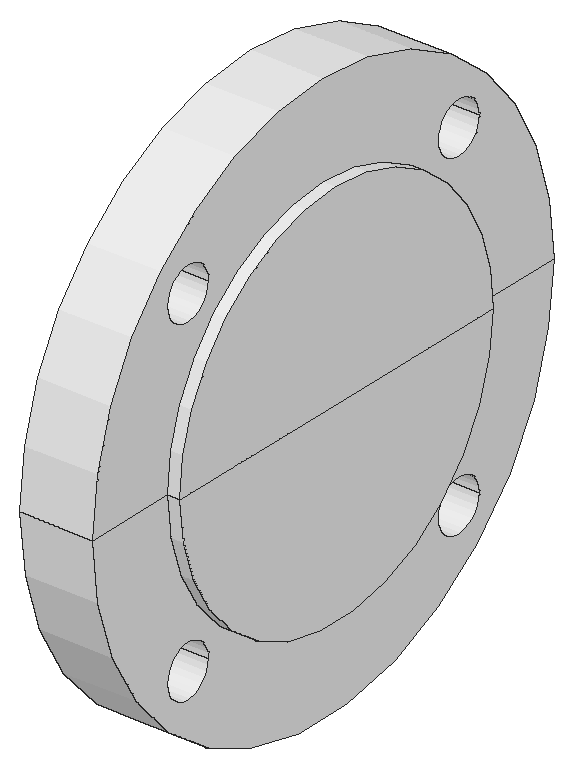
Revit family "QSS+_Фланцевая заглушка", category Соединительные детали трубопроводов, Revit 2019
Family settings
  Размер круглого соединителя = Использовать диаметр
  Тип детали = Заглушка
  На основе рабочей плоскости = Нет
  Всегда вертикально = Да
  При загрузке вырезать с полостями = Нет
  Общий = Да
Parameters (values of type "QSS+")
  Прокладка [instance] = no
  Поиск в таблице имен = "QSS_Фланцевая заглушка"
  Материал_Корпус = Металл
  L [instance] = 28 mm
  D4 [instance] = 44.5 mm
  D3 [instance] = (D - D2) / 4  # 17.75 mm
  D2 [instance] = DN + 40 mm  # 150 mm
  DN [instance] = 110 mm
  I [instance] = DN * 1.5  # 165 mm
  D *2/3 [instance] = D / 3.4  # 65 mm
  D [instance] = size_lookup(Поиск в таблице имен, "D", DN * 2, DN)  # 221 mm
  ADSK_Наименование [instance] = size_lookup(Поиск в таблице имен, "ADSK_Наименование", "Нет в каталоге", DN)  # "Фланцевая заглушка DN 110"
  ADSK_Масса_Текст [instance] = ""
  ADSK_Масса [instance] = 0
  ADSK_Марка = ""
  ADSK_Код изделия [instance] = size_lookup(Поиск в таблице имен, "ADSK_Код изделия", "Решение не найдено", DN)  # "QSS-FZ-110"
  ADSK_Завод-изготовитель = "Agpipe"  # constant formula
  ADSK_Единица измерения = "шт."  # constant formula
Reference planes
  plane 1 "По центру (Вперед/Назад)": y = 0
  plane 2: z = 0
  plane 3 "По центру (Влево/Вправо)": x = 0
  plane 4: x = -14
  plane 5: x = 14
  plane 6: y = 110.5
  plane 7: y = -110.5
  plane 8: y = -75
  plane 9: y = 75
  plane 10: x = 19
  plane 11: y = 55
  plane 12: y = -55
Forms (mm)
  Revolve 1, solid, material "Металл" <- "Материал_Корпус"
    sketch origin (0, 0, 0) x (1, 0, 0) y (0, 1, 0)
      loop
        line (-14, 0) -> (-14, -110.5) -> (14, -110.5) -> (14, -75) -> (19, -75) -> (19, 0) -> (-14, 0)
      axis (19, 0) -> (-14, 0)
    angle from 0 to 360
  Extrusion 2, void
    sketch origin (0, 0, 0) x (0, 1, 0) y (0, 0, 1)
      loop
        circle (65, 65) r 10
      loop
        circle (-65, 65) r 10
      loop
        circle (65, -65) r 10
      loop
        circle (-65, -65) r 10
    from -14 to 19
Cuts and joins
  Extrusion 2 cuts Revolve 1
Dimensions and locks
  equal spacing: plane 4, plane 3 "По центру (Влево/Вправо)", plane 5
  "L": plane 4 to plane 5
  equal spacing: plane 9, plane 1 "По центру (Вперед/Назад)", plane 8
  "D2": plane 9 to plane 8
  equal spacing: plane 6, plane 1 "По центру (Вперед/Назад)", plane 7
  "D": plane 6 to plane 7
  "D *2/3": Extrusion 2 sketch curve to level  (x2)
  "D *2/3": Extrusion 2 sketch curve to plane 1 "По центру (Вперед/Назад)"  (x2)
  "D *2/3": level to Extrusion 2 sketch curve  (x2)
  "D *2/3": plane 1 "По центру (Вперед/Назад)" to Extrusion 2 sketch curve  (x2)
  "DN": plane 11 to plane 12
  equal spacing: plane 11, plane 1 "По центру (Вперед/Назад)", plane 12
  locked: plane 5 to plane 10 at 5
  aligned and locked: level to plane 2
  aligned and locked: plane 4 to Revolve 1 sketch curve
  aligned and locked: plane 7 to Revolve 1 sketch curve
  aligned and locked: plane 5 to Revolve 1 sketch curve
  aligned and locked: Revolve 1 sketch curve to plane 8
  aligned and locked: Revolve 1 sketch curve to plane 10
  aligned and locked: Extrusion 2 to plane 4
  aligned and locked: Extrusion 2 to plane 10
  aligned and locked: Revolve 1 sketch curve to Revolve 1 sketch curve
  aligned and locked: plane 10 to nested 1
Automatic sketch dimensions
  plane 1 "По центру (Вперед/Назад)" to Revolve 1 sketch curve = 0 mm
  Revolve 1 sketch curve to plane 4 = 1916.011 mm
  Revolve 1 sketch curve to plane 10 = 1913.011 mm
  radius of Extrusion 2 sketch curve = 10 mm  (x4)
Nested families
  nested 1: "QSS+_Прокладка для фланцев EPDM" at (20.5, 0, 0), d <- "DN", visible <- "Прокладка", type "QSS+"
    with d 110 mm, I 150 mm, E 110 mm, ADSK_Позиция "", ADSK_Наименование "Прокладка для фланцев EPDM d110", ADSK_Масса_Текст "Нет в каталоге", ADSK_Масса 0, ADSK_Код изделия "QSS-PF-110"
Connectors
  piping at (19, 0, 0), diameter 110, driven by "DN"
    settings: on Revolve 1, index 1, connector inside diameter 609.6 mm, connector length 0 mm, flow factor 0, pipe flow 0.0 L/s, pressure drop 0.0 Pa, fitting loss kfactor 0, connector angle 0.00°, fixture units 0, engagement length 0 mm, angle of deflection 0.00°, flow configuration 0, flow direction 0, fitting loss method 0, system type 28, joint type 0, gender type 0, connector reference index -1, connector utility 0, adjustable connector no, is connector primary yes, connector description ""
Definition of nested family "QSS+_Прокладка для фланцев EPDM"
  Parameters (values of type "QSS+")
    Поиск в таблице имен = "QSS_Прокладка для фланцев EPDM"  # constant formula
    Материал_Корпус = none
    d [instance] = 250 mm
    I [instance] = d + 40 mm  # 290 mm
    E [instance] = d  # 250 mm
    ADSK_Примечание = ""
    ADSK_Позиция [instance] = ""
    ADSK_Обозначение = ""
    ADSK_Наименование [instance] = size_lookup(Поиск в таблице имен, "ADSK_Наименование", "Нет в каталоге", d)  # "Прокладка для фланцев EPDM d250"
    ADSK_Масса_Текст [instance] = "Нет в каталоге"
    ADSK_Масса [instance] = 0
    ADSK_Марка = ""
    ADSK_Код изделия [instance] = size_lookup(Поиск в таблице имен, "ADSK_Код изделия", "Нет в каталоге", d)  # "QSS-PF-250"
    ADSK_Завод-изготовитель = "Agpipe"  # constant formula
    ADSK_Единица измерения = "шт."  # constant formula
  Reference planes
    plane 1 "По центру (Вперед/Назад)": y = 0
    plane 2: z = 0
    plane 3 "По центру (Влево/Вправо)": x = 0
    plane 4: x = -1.5
    plane 5: y = 125
    plane 6: y = -125
    plane 7: y = -145
    plane 8: y = 145
    plane 9: x = 1.5
    plane 10: x = 0
  Forms (mm)
    Revolve 1, solid, material <- "Материал_Корпус"
      sketch origin (0, 0, 0) x (1, 0, 0) y (0, 1, 0)
        loop
          line (-1.5, -125) -> (-1.5, -145) -> (1.5, -145) -> (1.5, -125) -> (-1.5, -125)
        axis (1.5, 0) -> (-1.5, 0)
      angle from 0 to 360
  Dimensions and locks
    equal spacing: plane 8, plane 1 "По центру (Вперед/Назад)", plane 7
    "I": plane 8 to plane 7
    equal spacing: plane 5, plane 1 "По центру (Вперед/Назад)", plane 6
    "E": plane 5 to plane 6
    locked: plane 4 to plane 9 at 3
    equal spacing: plane 4, plane 10, plane 9, locked at 1.5 each
    aligned and locked: level to plane 2
    aligned and locked: plane 4 to Revolve 1 sketch curve
    aligned and locked: Revolve 1 sketch curve to plane 7
    aligned and locked: Revolve 1 sketch curve to plane 9
    aligned and locked: Revolve 1 sketch curve to plane 6
  Automatic sketch dimensions
    plane 1 "По центру (Вперед/Назад)" to Revolve 1 sketch curve = 0 mm
    Revolve 1 sketch curve to plane 9 = 1913.011 mm
    Revolve 1 sketch curve to plane 3 "По центру (Влево/Вправо)" = 1918.511 mm
